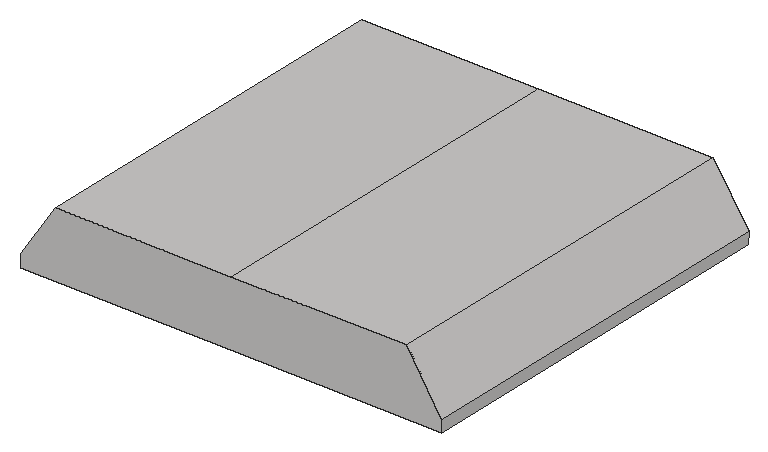
Revit family "Lighting-Control-Acclaim-Al Driver 400", category Lighting Fixtures, host Face, Revit 2015
Parameters (values of type "A")
  Width = 0' - 9"
  Voltage = 0 V
  URL = "http://www.acclaimlighting.com/"
  Power Factor = 1
  Number of Poles = 1
  Model = "AL Driver"
  Manufacturer = "Acclaim Lighting"
  Length = 1' - 1 97/256"
  Lamp = "LED"
  Housing Finish = Aluminum
  Description = "Driver"
  Default Elevation = 4' - 0"
  Apparent Load = 0 VA
Reference planes (in)
  plane 1 "Center (Front/Back)": y = 0
  plane 2: z = 0
  plane 3 "Center (Left/Right)": x = 0
  plane 4: x = -6.68945
  plane 5: x = 6.68945
  plane 6: x = -2.86874
  plane 7: x = -2.08749
  plane 8: x = 2.06876
  plane 9: x = 2.85001
  plane 10: z = 3.14
  plane 11: y = 4.5
  plane 12: y = -4.5
Forms (in)
  Extrusion 1, solid, material "Housing"
    sketch origin (0, -0.15587, 0) x (-1, 0, 0) y (0, 0, 1)
      loop
        line (6.6875, 0) -> (6.6875, 0.37763) -> (5.57304, 2.09375) -> (0, 2.09375) -> (-5.57304, 2.09375) -> (-6.6875, 0.37763) -> (-6.6875, 0) -> (0, 0) -> (6.6875, 0)
    from -5.91238 to 6.22412
Dimensions and locks (in)
  equal spacing: plane 5, plane 3 "Center (Left/Right)", plane 4
  "Length": plane 5 to plane 4
  equal spacing: plane 11, plane 1 "Center (Front/Back)", plane 12
  "Width": plane 11 to plane 12
  aligned and locked: plane 2 to host face
  aligned and locked: level to host face
Automatic sketch dimensions
  host sketch curve to host sketch curve = 8' - 0"  (x2)
  Extrusion 1 sketch curve to level = 0' - 0"
  plane 9 to Extrusion 1 sketch curve = 0' - 3.83749"
  plane 9 to Extrusion 1 sketch curve = 0' - 2.72303"
  plane 3 "Center (Left/Right)" to Extrusion 1 sketch curve = 0' - 0"  (x2)
  Extrusion 1 sketch curve to plane 6 = 0' - 2.70429"
  level to Extrusion 1 sketch curve = 0' - 0.37763"
  Extrusion 1 sketch curve to plane 6 = 0' - 3.81876"
  Extrusion 1 sketch curve to Extrusion 1 sketch curve = 0' - 0.37763"
  Extrusion 1 sketch curve to plane 10 = 0' - 1.04625"
Connectors (in)
  electrical at (0, -6.06825, 0.87956), driven by "Number of Poles", driven by "Voltage", driven by "Apparent Load", driven by "Power Factor"
    settings: on Extrusion 1, index 1, voltage 0 V, apparent load 0 VA, apparent load phase1 0 VA, apparent load phase2 0 VA, apparent load phase3 0 VA, power factor 1, load classification "Other", number of poles 1, system type 31, power factor state 1, is connector primary yes, connector utility no, sub classification motor no, connector description "Power"
